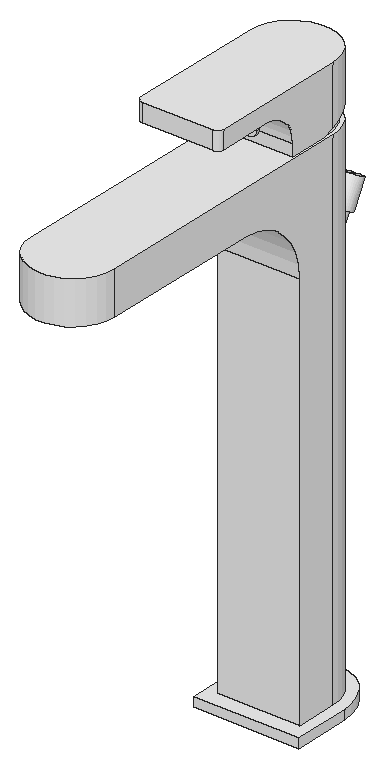
Revit family "Faucet_Basin-Single_Lever-DXV-Lyndon-D35109150_Series", category Plumbing Fixtures, Revit 2014
Parameters (values of type "D35109150.144")
  Width = 1 5/8"  # constant formula
  Waste Connection = no
  Warranty Information = "Lifetime Limited Warranty"  # constant formula
  WFU = 2  # constant formula
  Vent Connection = no
  URL = "http://www.dxv.com/"
  Revised Date = "20/09/2017"  # constant formula
  Product Page URL = "http://www.dxv.com/Product/lyndon-vessel-faucet"
  Product Documentation Link = "https://dxv01.blob.core.windows.net/dxv-product-pdf-files/spec_D351091_DXV_Lyndon_mono_vessel_EN.pdf"
  Price = "Prices may vary. Please consult Manufacturer Representative for most up-to-date price list."  # constant formula
  Model = "D35109150.144"
  Material = "Metal-DXV-144-Brushed Nickel"
  Manufacturer = "DXV"  # constant formula
  Length = 7"  # constant formula
  Installation Type = "Deck Mounted"  # constant formula
  Hot Water Connection Diameter = 3/8"  # constant formula
  Height = 11 1/2"  # constant formula
  HWFU = 1.5  # constant formula
  HW Connection = yes
  Flow Rate = " Max. 1.5 GPM (5.7L/min),  Low Flow 1.2 gpm (4.5 L/min) "  # constant formula
  Finish = Metal-DXV-144-Brushed Nickel
  Description = "LYNDON - Vessel Faucet - BN"
  Default Elevation = 0"
  Creation Date = "25/02/2014"  # constant formula
  Cold Water Connection Diameter = 3/8"  # constant formula
  CWFU = 1.5  # constant formula
  CW Connection = yes
  Assembly Code = "D2020300"
  ADA Compliant = yes
Types (4): name | Model | Material | Finish | Description
  (no name) | "D35109150.144" | "Metal-DXV-144-Brushed Nickel" | Metal-DXV-144-Brushed Nickel | "LYNDON - Vessel Faucet - BN"
  D35109150.144 | "D35109150.144" | "Metal-DXV-144-Brushed Nickel" | Metal-DXV-144-Brushed Nickel | "LYNDON - Vessel Faucet - BN"
  D35109150.100 | "D35109150.100" | "Metal-DXV-100-Polished Chrome" | Metal-DXV-100-Polished Chrome | "LYNDON - Vessel Faucet - PC"
  D35109150.243 | "D35109150.243" | "Metal-DXV-243-Matte Black" | Metal-DXV-243-Matte Black | "LYNDON - Vessel Faucet - MB"
Reference planes (in)
  plane 1 "Center (Front/Back)": y = 0
  plane 2: z = 0
  plane 3 "Center (Left/Right)": x = 0
  plane 4: y = -2.2387
  plane 5: y = -2.81395
  plane 6: y = -6.18895
  plane 7: y = 0.81105
  plane 8: y = -0.81395
  plane 9: x = 0.81105
  plane 10: x = -0.81395
  plane 11: z = 9.375
  plane 12: z = 11.5
  plane 13: y = -2.81395
Forms (in)
  Extrusion 1, solid, material "Metal-DXV-144-Brushed Nickel" <- "Finish"
    sketch origin (0, 1.02284, 5.6875) x (1, 0, 0) y (0, 1, 0)
      loop
        arc (-0.81395, -6.39929) -> (-0.00145, -7.21179) -> (0.81105, -6.39929) r 0.8125
        line (0.81105, -6.39929) -> (0.81105, -1.02429)
        arc (0.81105, -1.02429) -> (-0.00145, -0.21179) -> (-0.81395, -1.02429) r 0.8125
        line (-0.81395, -1.02429) -> (-0.81395, -6.39929)
    from -5.50065 to 4.53477
  Extrusion 2, void
    sketch origin (0, 0.96818, 5.6875) x (0, 1, 0) y (0, 0, 1)
      loop
        line (-7.21179, 3.6875) -> (-7.21179, -5.50065) -> (-1.78213, -5.50065) -> (-1.78213, 2.35211)
        arc (-1.78213, 2.35211) -> (-2.17325, 3.29637) -> (-3.11752, 3.6875) r 1.33539
        line (-3.11752, 3.6875) -> (-7.21179, 3.6875)
      loop
        line (-3.83139, 5.46264) -> (-3.83139, 4.56557) -> (-1.96289, 4.56557) -> (-1.96289, 4.81495)
        arc (-1.96289, 4.81495) -> (-2.1526, 5.27294) -> (-2.61058, 5.46264) r 0.64769
        line (-2.61058, 5.46264) -> (-3.83139, 5.46264)
      loop
        line (-0.15713, 4.9696) -> (-1.25257, 4.56557) -> (-0.15713, 4.56557) -> (-0.15713, 4.9696)
    from -0.8758 to 0.87352
  Extrusion 3, solid, material "Metal-DXV-144-Brushed Nickel" <- "Finish"
    sketch origin (0, 1.02284, 0) x (1, 0, 0) y (0, 1, 0)
      loop
        line (-1.03125, -2.15625) -> (1.03125, -2.15625) -> (1.03125, -1.02284)
        arc (1.03125, -1.02284) -> (0, 0.00841) -> (-1.03125, -1.02284) r 1.03125
        line (-1.03125, -1.02284) -> (-1.03125, -2.15625)
    from 0 to 0.18685
  Revolve 4, solid, material "Metal-DXV-144-Brushed Nickel" <- "Finish"
    sketch origin (0, 0.98821, 6.26461) x (0, 1, 0) y (0, 0, 1)
      loop
        line (-0.99878, 4.53477) -> (-0.99878, 3.88423) -> (-0.25541, 3.88423)
        arc (-0.25541, 3.88423) -> (-0.50487, 4.34917) -> (-0.99878, 4.53477) r 0.75
      axis (-0.99878, 3.88423) -> (-0.99878, 4.53477)
    angle from 0 to 360
  Extrusion 5, solid, material "Metal-DXV-144-Brushed Nickel" <- "Finish"
    sketch origin (0, 0.96818, 5.6875) x (1, 0, 0) y (0, 1, 0)
      loop
        line (-0.68895, -3.78213) -> (0.68605, -3.78213)
        arc (0.68605, -3.78213) -> (0.77444, -3.74552) -> (0.81105, -3.65713) r 0.125
        line (0.81105, -3.65713) -> (0.81105, -0.96963)
        arc (0.81105, -0.96963) -> (-0.00145, -0.15713) -> (-0.81395, -0.96963) r 0.8125
        line (-0.81395, -0.96963) -> (-0.81395, -3.65713)
        arc (-0.81395, -3.65713) -> (-0.77734, -3.74552) -> (-0.68895, -3.78213) r 0.125
    from 4.58764 to 5.8125
  Extrusion 6, solid, material "Metal-DXV-144-Brushed Nickel" <- "Finish"
    sketch origin (3.00401, 14.97975, 6.3307) x (1, 0, 0) y (0, 0, 1)
      loop
        circle (-3.00401, 4.19444) r 0.14689
    from 15.88114 to 16.01756
  Revolve 7, solid, material "Metal-DXV-144-Brushed Nickel" <- "Finish"
    sketch origin (0, -0.39466, 1.43533) x (0, 1, 0) y (0, 0, 1)
      loop
        line (1.18637, 5.88851) -> (1.18637, 5.63851) -> (1.72748, 6.62071) -> (1.78218, 6.59058) -> (2.0542, 7.08434) -> (1.89384, 7.17268) -> (1.18637, 5.88851)
      axis (1.89384, 7.17268) -> (1.08071, 5.69672)
    angle from 0 to 360
  Extrusion 8, solid, material "Metal-DXV-144-Brushed Nickel" <- "Finish"
    sketch origin (0, 0, 0) x (1, 0, 0) y (0, 1, 0)
      loop
        circle (-0.30175, 0) r 0.1875
      loop
        circle (0.30175, 0) r 0.1875
    from -0.02359 to 0.18685
Cuts and joins
  Extrusion 2 cuts Extrusion 1
  Extrusion 2 cuts Extrusion 3
  Extrusion 2 cuts Extrusion 5
  joined: Extrusion 1, Extrusion 3, Revolve 4, Extrusion 5, Extrusion 6, Revolve 7
Lines and regions (in)
  Masking region 1
    outline origin (0, 0, 0) x (1, 0, 0) y (0, 1, 0)
      loop
        arc (1.03125, 0) -> (0.77039, 0.68554) -> (0.11979, 1.02427) r 1.03125
        line (0.11979, 1.02427) -> (0.11979, 1.16717) -> (0.18279, 1.22592) -> (0.18279, 1.50247)
        arc (0.18279, 1.50247) -> (0, 1.6513) -> (-0.18279, 1.50247) r 0.18667
        line (-0.18279, 1.50247) -> (-0.18279, 1.22592) -> (-0.11979, 1.16717) -> (-0.11979, 1.02427)
        arc (-0.11979, 1.02427) -> (-0.77039, 0.68554) -> (-1.03125, 0) r 1.03125
        line (-1.03125, 0) -> (-1.03125, -1.13341) -> (-0.81395, -1.13341) -> (-0.81395, -5.37645)
        arc (-0.81395, -5.37645) -> (-0.00145, -6.18895) -> (0.81105, -5.37645) r 0.8125
        line (0.81105, -5.37645) -> (0.81105, -1.13341) -> (1.03125, -1.13341) -> (1.03125, 0)
  symbolic lines, style "PlumbingFixtures"
    curve 1: arc (1.03125, 0, 0) -> (0.77039, 0.68554, 0) -> (0.11979, 1.02427, 0) r 1.03125
    curve 2: line (-1.03125, 0, 0) -> (-1.03125, -1.13341, 0)
    curve 3: line (-1.03125, -1.13341, 0) -> (-0.81395, -1.13341, 0)
    curve 4: line (1.03125, -1.13341, 0) -> (1.03125, 0, 0)
    curve 10: line (0.81105, -5.37645, 0) -> (0.81105, -1.13341, 0)
    curve 11: arc (-0.81395, -5.37645, 0) -> (-0.00145, -6.18895, 0) -> (0.81105, -5.37645, 0) r 0.8125
    curve 12: line (-0.81395, -1.13341, 0) -> (-0.81395, -5.37645, 0)
    curve 14: arc (-0.11979, 1.02427, 0) -> (-0.77039, 0.68554, 0) -> (-1.03125, 0, 0) r 1.03125
    curve 15: line (0.81105, -1.13341, 0) -> (1.03125, -1.13341, 0)
  symbolic lines, style "PlumbingFixtures", detail levels medium+fine
    curve 5: arc (0.81105, -0.00145, 0) -> (-0.00145, 0.81105, 0) -> (-0.81395, -0.00145, 0) r 0.8125
    curve 9: line (-0.81395, -0.00145, 0) -> (-0.81395, -1.13341, 0)
    curve 13: line (0.81105, -1.13341, 0) -> (0.81105, -0.00145, 0)
  symbolic lines, style "PlumbingFixtures", detail levels fine
    curve 6: line (-0.68895, -2.81395, 0) -> (0.68605, -2.81395, 0)
    curve 7: arc (0.68605, -2.81395, 0) -> (0.77444, -2.77734, 0) -> (0.81105, -2.68895, 0) r 0.125
    curve 8: arc (-0.81395, -2.68895, 0) -> (-0.77734, -2.77734, 0) -> (-0.68895, -2.81395, 0) r 0.125
Dimensions and locks (in)
  plane 11 to plane 2 = 9 3/8"
  "Width": plane 10 to plane 9
  "Height": plane 12 to plane 2
  "Length": plane 7 to plane 6
  plane 7 to plane 13 = 3 5/8"
  aligned and locked: cut or joined group of Extrusion 1, Extrusion 2, Extrusion 3, Revolve 4, Extrusion 5, Extrusion 6, Revolve 7 to Extrusion 8
Automatic sketch dimensions
  curve 1 to curve 14 = 0"  (x2)
  plane 1 "Center (Front/Back)" to curve 14 = 0"
  curve 9 to plane 10 = 0"
  curve 8 to plane 13 = 0"
  curve 1 to plane 3 "Center (Left/Right)" = 0"
  curve 10 to plane 9 = 0"
  curve 3 to curve 3 = 0.2173"
  curve 8 to plane 10 = 1/8"
  curve 6 to plane 9 = 1/8"
  plane 9 to curve 4 = 0.2202"
  plane 6 to curve 12 = 13/16"
  plane 8 to curve 15 = 0.31946"
  plane 8 to curve 2 = 0.31946"
  plane 1 "Center (Front/Back)" to curve 5 = 0.00145"
  curve 14 to plane 3 "Center (Left/Right)" = 0.11979"
  plane 3 "Center (Left/Right)" to curve 1 = 0.11979"
  Extrusion 1 sketch curve to plane 10 = 0"
  Extrusion 1 sketch curve to plane 9 = 0"
  plane 6 to Extrusion 1 sketch curve = 13/16"
  plane 1 "Center (Front/Back)" to Extrusion 1 sketch curve = 0.00145"
  Extrusion 2 sketch curve to plane 11 = 0"
  Extrusion 2 sketch curve to plane 8 = 0"
  Extrusion 2 sketch curve to plane 7 = 0"
  plane 8 to Extrusion 2 sketch curve = 0.18077"
  plane 4 to Extrusion 2 sketch curve = 0.59629"
  plane 4 to Extrusion 2 sketch curve = 0.08936"
  Extrusion 2 sketch curve to plane 13 = 0.04926"
  Extrusion 2 sketch curve to plane 6 = 0.05467"
  plane 1 "Center (Front/Back)" to Extrusion 2 sketch curve = 0.28439"
  level to Extrusion 2 sketch curve = 0.18685"
  plane 11 to Extrusion 2 sketch curve = 0.87807"  (x2)
  Extrusion 2 sketch curve to Extrusion 2 sketch curve = 0.24939"
  Extrusion 2 sketch curve to Extrusion 2 sketch curve = 0.40403"
  plane 1 "Center (Front/Back)" to Extrusion 3 sketch curve = 0"
  Extrusion 3 sketch curve to plane 3 "Center (Left/Right)" = 0"
  plane 10 to Extrusion 3 sketch curve = 0.2173"
  plane 8 to Extrusion 3 sketch curve = 0.31946"
  plane 1 "Center (Front/Back)" to Revolve 4 sketch curve = 0.01058"  (x2)
  Revolve 4 sketch curve to plane 7 = 0.07825"
  plane 11 to Revolve 4 sketch curve = 0.67439"
  Revolve 4 sketch curve to Revolve 4 sketch curve = 0.09945"
  Revolve 4 sketch curve to Revolve 4 sketch curve = 0.06391"
  Revolve 4 sketch curve to Revolve 4 sketch curve = 0.15727"
  Extrusion 5 sketch curve to plane 10 = 0"
  Extrusion 5 sketch curve to plane 5 = 0"
  Extrusion 5 sketch curve to plane 9 = 0"
  Extrusion 5 sketch curve to Extrusion 5 sketch curve = 1/8"  (x2)
  plane 1 "Center (Front/Back)" to Extrusion 5 sketch curve = 0.00145"
  Extrusion 6 sketch curve to plane 3 "Center (Left/Right)" = 0"
  Extrusion 6 sketch curve to plane 12 = 0.97486"
  Revolve 7 sketch curve to plane 7 = 0.01934"
  plane 7 to Revolve 7 sketch curve = 0.52177"
  Revolve 7 sketch curve to Revolve 7 sketch curve = 7/128"
  Revolve 7 sketch curve to Revolve 7 sketch curve = 0.16636"
  Revolve 7 sketch curve to Revolve 7 sketch curve = 0.16036"
  Revolve 7 sketch curve to plane 11 = 2.30115"
  Revolve 7 sketch curve to Revolve 7 sketch curve = 1/4"
  plane 7 to Revolve 7 sketch curve = 0.19877"
  Revolve 7 sketch curve to Revolve 7 sketch curve = 0.16023"
  Revolve 7 sketch curve to Revolve 7 sketch curve = 0.3959"
  Revolve 7 sketch curve to Revolve 7 sketch curve = 0.04084"
  Masking region 1 sketch curve to Masking region 1 sketch curve = 0"  (x2)
  plane 1 "Center (Front/Back)" to Masking region 1 sketch curve = 0"
  Masking region 1 sketch curve to plane 10 = 0"
  Masking region 1 sketch curve to plane 3 "Center (Left/Right)" = 0"  (x2)
  Masking region 1 sketch curve to plane 9 = 0"
  plane 10 to Masking region 1 sketch curve = 0.2173"
  Masking region 1 sketch curve to plane 3 "Center (Left/Right)" = 0.18279"
  Masking region 1 sketch curve to plane 3 "Center (Left/Right)" = 0.11979"
  plane 3 "Center (Left/Right)" to Masking region 1 sketch curve = 0.11979"
  Masking region 1 sketch curve to Masking region 1 sketch curve = 0.063"
  plane 9 to Masking region 1 sketch curve = 0.2202"
  plane 8 to Masking region 1 sketch curve = 0.31946"  (x2)
  plane 6 to Masking region 1 sketch curve = 13/16"
  Masking region 1 sketch curve to Masking region 1 sketch curve = 0.1429"  (x2)
  Masking region 1 sketch curve to Masking region 1 sketch curve = 0.05875"  (x2)
  Masking region 1 sketch curve to Masking region 1 sketch curve = 0.23872"
  Masking region 1 sketch curve to Masking region 1 sketch curve = 0.03783"
  plane 1 "Center (Front/Back)" to Extrusion 8 sketch curve = 0"  (x2)
  Extrusion 8 sketch curve to plane 3 "Center (Left/Right)" = 0.30175"
  plane 3 "Center (Left/Right)" to Extrusion 8 sketch curve = 0.30175"
  radius of Extrusion 6 sketch curve = 0.14689"
  radius of Extrusion 8 sketch curve = 3/16"  (x2)
Connectors (in)
  piping at (-0.30175, 0, -0.02359), diameter 0.375, driven by "HWFU", driven by "Hot Water Connection Diameter"
    settings: on Extrusion 8, index 1, connector inside diameter 24", connector length 0", flow factor 0, pipe flow 0 GPM, pressure drop 0.00 psi, fitting loss kfactor 0, connector angle 0.00°, fixture units 1.5, engagement length 0", angle of deflection 0.00°, flow configuration 3, flow direction 1, fitting loss method 0, system type 19, joint type 0, gender type 0, connector reference index -1, connector utility 0, adjustable connector no, is connector primary yes, connector description "3/8\" HW Inlet Connection"
  piping at (0.30175, 0, -0.02359), diameter 0.375, driven by "Cold Water Connection Diameter", driven by "CWFU"
    settings: on Extrusion 8, index 2, connector inside diameter 24", connector length 0", flow factor 0, pipe flow 0 GPM, pressure drop 0.00 psi, fitting loss kfactor 0, connector angle 0.00°, fixture units 1.5, engagement length 0", angle of deflection 0.00°, flow configuration 3, flow direction 1, fitting loss method 0, system type 20, joint type 0, gender type 0, connector reference index -1, connector utility 0, adjustable connector no, is connector primary no, connector description "3/8\" CW Inlet Connection"
